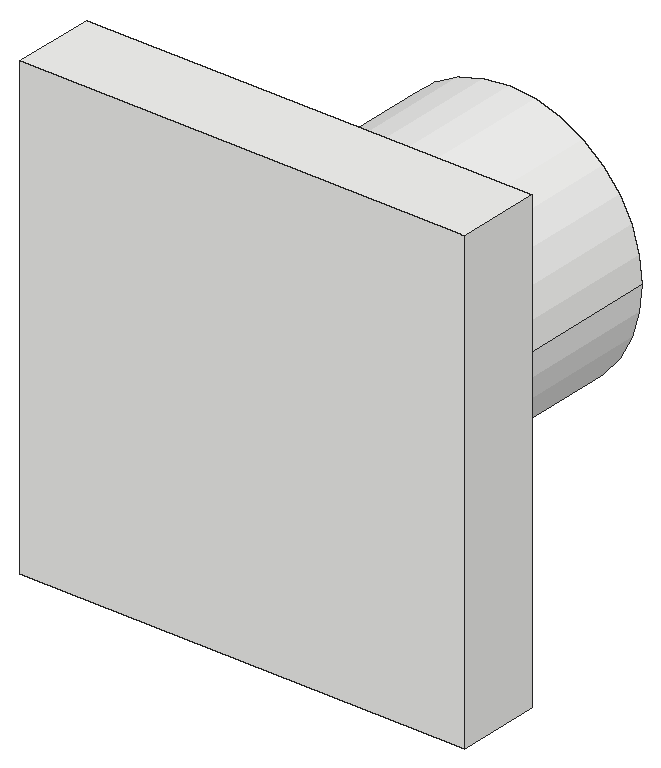
Revit family "V-08PPFL8_50Hz", category 機械設備, Revit 2019
Family settings
  丸型コネクタ寸法 = 直径を使用
  パーツ タイプ = 標準
  OmniClass 番号 = 23.75.35.17.24
  OmniClass タイトル = Axial Fans
  作業面ベース = いいえ
  常に垂直 = はい
  ロード時にボイドで切り取り = いいえ
  共有 = いいえ
  部屋計算ポイント = はい
Parameters (values of type "V-08PPFL8")
  騒音レベル(dB(A)) [instance] = 27.5
  風量 [instance] = 100.0 m³/h
  電源種別 [instance] = ""
  電圧 = 100 V
  電動機出力 = 0 W
  電動機_種別 [instance] = ""
  運転質量 = 0.00 kg
  連動 [instance] = ""
  質量 = if(製品質量 > 運転質量, 製品質量, 運転質量) * 1.2  # 0.684 kg
  負荷分類 = 3_ファン類
  説明 = "パイプ用ファン 角形格子タイプ"
  設計風量 [instance] = 0.0 m³/h
  設置方法 = "壁付"
  記号 [instance] = ""
  製造元 = "三菱電機株式会社"
  製品質量 = 0.57 kg
  製品出荷対象 = "国内"
  製品リリース年月 = "2022年6月1日"
  製品グループ = ""
  羽根径 = "∅85"
  系統 [instance] = ""
  符号 [instance] = if(☑給気／□排気, "FS", "FE")  # "FE"
  積算_科目 = "2 換気設備"
  積算_拾い区分 [instance] = ""
  相 = 1
  盤記号 [instance] = ""
  発停方法 [instance] = ""
  特殊仕様 [instance] = ""
  火災停止 [instance] = ""
  消費電力 = 3.9 W
  法定耐用年数 = "15"
  機外静圧 [instance] = 0.0 Pa
  極数 = 2
  材質 [instance] = ""
  操作・制御方式 = ""
  操作・制御スイッチ = ""
  排気量 [instance] = if(☑給気／□排気, 0.0 m³/h, 設計風量)  # 0.0 m³/h
  形式 = ""
  幹線記号 [instance] = ""
  対象室 [instance] = ""
  実風量 [instance] = 0.0 m³/h
  始動方式 [instance] = "直入"
  外気量 [instance] = if(☑給気／□排気, 設計風量, 0.0 m³/h)  # 0.0 m³/h
  呼称 = "パイプファン"
  周波数 = 50 Hz
  参照している仕様書等のバージョン = ""
  分類コード = "50052503100070"
  分類グループ = ""
  価格 = 14900
  企業コード = "108420"
  付属品_防振装置 = ""
  付属品 [instance] = ""
  仕様書バージョン = "Version1.0"
  モデル = "V-08PPFL8"
  マテリアル = 合成樹脂(白)
  ファンの種類 = ""
  ダクト径 = 100 mm
  コメント [instance] = ""
  Keynote = ""
  ☑給気／□排気 [instance] = no
  Width = 160 mm
  W1 = 250 mm
  Version = ""
  Uniclass2015Version = "Systems v1.9"
  Uniclass2015Title = "Axial flow fans"
  Uniclass2015Code = "Pr_65_67_29_05"
  URL = "https://www.mitsubishielectric.co.jp/ldg/wink/ssl/displayProduct.do?pid=320375"
  SpecificationReference = ""
  SpecificationDescription = ""
  Revision = ""
  ProductInformation = ""
  OmniClassCode = "23-33 31 19 11"
  MIN風量 = 70.0 m³/h
  MIN静圧 = 0.0 Pa
  MID風量 = 0.0 m³/h
  MID静圧 = 0.0 Pa
  MAX風量 = 100.0 m³/h
  MAX静圧 = 0.0 Pa
  IfcTypeProduct = ""
  IfcProduct = ""
  IfcExportType = "TUBEAXIAL"
  IfcExportAs = "IfcFanType"
  Height = 165 mm
  H1 = 80 mm
  EAサイズ_D = 95 mm
  Depth = 30 mm
  D1 = 90 mm
  Author = "三菱電機株式会社"
Reference planes
  plane 1 "中心(正面/背面)": y = 0
  plane 2: z = 0
  plane 3 "中心(左/右)": x = 0
  plane 4: x = -80
  plane 5: x = 80
  plane 6: z = 80
  plane 7: z = -85
  plane 8: y = -30
  plane 9: y = 90
Forms (mm)
  Extrusion 1, solid, material "合成樹脂(白)" <- "マテリアル", detail levels fine
    sketch origin (0, 0, 0) x (1, 0, 0) y (0, 0, 1)
      loop
        line (-80, 80) -> (-80, -85) -> (80, -85) -> (80, 80) -> (-80, 80)
    from 0 to 30
  Extrusion 2, solid, material "合成樹脂(白)" <- "マテリアル", detail levels fine
    sketch origin (0, 0, 0) x (1, 0, 0) y (0, 0, 1)
      loop
        circle (0, 0) r 47.5
    from -90 to 0
Dimensions and locks
  equal spacing: plane 5, plane 3 "中心(左/右)", plane 4
  "Width": plane 5 to plane 4
  "Depth": plane 1 "中心(正面/背面)" to plane 8
  "D1": plane 1 "中心(正面/背面)" to plane 9
  "H1": plane 6 to plane 2
  "Height": plane 6 to plane 7
  "EAサイズ_D": diameter of Extrusion 2 sketch curve
  aligned and locked: level to plane 2
  aligned and locked: Extrusion 1 sketch curve to plane 6
  aligned and locked: plane 4 to Extrusion 1 sketch curve
  aligned and locked: plane 7 to Extrusion 1 sketch curve
  aligned and locked: Extrusion 1 sketch curve to plane 5
  aligned and locked: plane 9 to Extrusion 2
  aligned and locked: Extrusion 1 to plane 8
  aligned and locked: Extrusion 1 to plane 1 "中心(正面/背面)"
  aligned and locked: plane 1 "中心(正面/背面)" to Extrusion 2
Automatic sketch dimensions
  Extrusion 2 sketch curve to level = 0 mm
  Extrusion 2 sketch curve to plane 3 "中心(左/右)" = 0 mm
Nested families
  nested 1: "記号_天井換気扇_平面" at (0, 0, 0), type "記号_天井換気扇_平面", detail levels coarse+medium
Connectors
  electrical at (0, 0, -2.5), driven by "極数", driven by "負荷分類", driven by "電圧", driven by "消費電力"
    settings: on Extrusion 1, index 2, voltage 100 V, apparent load 3.9 VA, apparent load phase1 0 VA, apparent load phase2 0 VA, apparent load phase3 0 VA, power factor 1, load classification "3_ファン類", number of poles 2, system type 30, power factor state 1, is connector primary yes, connector utility no, sub classification motor no, connector description ""
  hvac at (0, 0, 0), driven by "機外静圧", driven by "風量", driven by "ダクト径"
    settings: on Extrusion 2, index 3, duct flow 100.0 m³/h, flow factor 0, pres drop 0.0 Pa, loss coef 0, conn angle 0.00°, conn width 304.8 mm, conn height 304.8 mm, conn diameter 100 mm, duct sys type 3, conn prof type 0, flow config 0, flow direction 2, loss method 4, conn ref index -1, conn util no, is conn primary yes, conn desc ""
Definition of nested family "記号_天井換気扇_平面"
  Reference planes
    plane 1: y = 0
    plane 2: x = 0
  Lines and regions (mm)
    detail lines
      curve 1: line (-2.5, 2.5, 0) -> (2.5, 2.5, 0)
      curve 2: line (-2.5, -2.5, 0) -> (-2.5, 2.5, 0)
      curve 3: line (2.5, -2.5, 0) -> (-2.5, -2.5, 0)
      curve 4: line (2.5, 2.5, 0) -> (2.5, -2.5, 0)
      curve 5: circle (-1.04, -1.04, 0) r 1.46 normal (0, 0, 1)
      curve 6: circle (1.04, 1.04, 0) r 1.46 normal (0, 0, 1)
      curve 7: line (-3.125, 3.125, 0) -> (3.125, 3.125, 0)
      curve 8: line (-3.125, -3.125, 0) -> (-3.125, 3.125, 0)
      curve 9: line (3.125, -3.125, 0) -> (-3.125, -3.125, 0)
      curve 10: line (3.125, 3.125, 0) -> (3.125, -3.125, 0)
      curve 11: circle (1.295, 1.295, 0) r 1.83 normal (0, 0, 1)
      curve 12: circle (-1.295, -1.295, 0) r 1.83 normal (0, 0, 1)
      curve 13: line (-2, 2, 0) -> (2, 2, 0)
      curve 14: line (-2, -2, 0) -> (-2, 2, 0)
      curve 15: line (2, -2, 0) -> (-2, -2, 0)
      curve 16: line (2, 2, 0) -> (2, -2, 0)
      curve 17: circle (0.84, 0.84, 0) r 1.16 normal (0, 0, 1)
      curve 18: circle (-0.84, -0.84, 0) r 1.2 normal (0, 0, 1)
